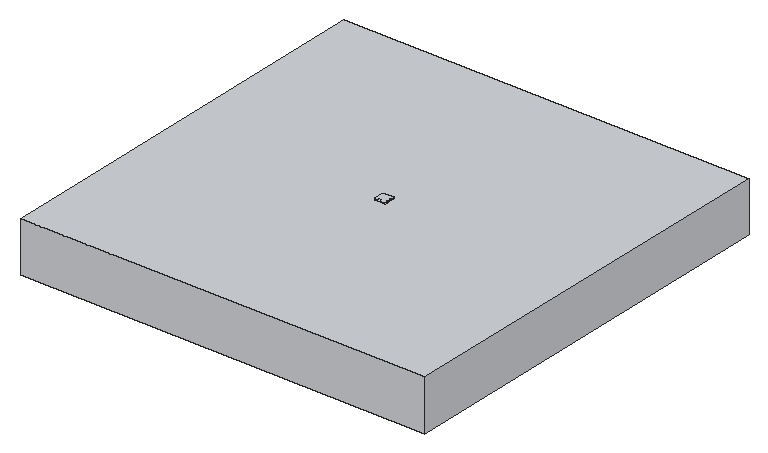
Revit family "Gira_015000", category Allgemeines Modell, Revit 2017
Family settings
  Basisbauteil = Fläche
  Kann Basisbauteil für Bewehrung sein = Nein
  Bemaßung runder Anschluss = Durchmesser verwenden
  Teiletyp = Normal
  Beim Laden mit Abzugskörper schneiden = Nein
  Gemeinsam genutzt = Nein
  Raumberechnungspunkt = Nein
Parameters
  Zusammenstellung = "Basiselement"
  Zufallsgenerator = no
  Werkstoffgüte = "sonstige"
  Werkstoff = "sonstige"
  Default Elevation = 1219.2 mm
  Verwendbar mit Zeitschalter/Timer = no
  Verwendbar mit Taste = yes
  Verwendbar mit Präsenzmelder = no
  Verwendbar mit IR-Taste = no
  Verwendbar mit Funktaste = no
  Verwendbar mit Bewegungsmelder = no
  URL = "https://www.gira.de/"
  Typname = "Wipptaster Schließer + N-Kl. Einsatz"
  Transparent = no
  Textfeld/Beschriftungsfläche = no
  Seriendimmer = no
  Rückmeldekontakt = no
  Produktseite = "http://katalog.gira.de/de_DE/datenblatt.html?artikelnr=015000"
  Oberfläche = "sonstige"
  Nennspannung [Volt] 5 = 230
  Nennspannung [Volt] 2 = 230
  Nennspannung [Volt] 17 = 250
  Nennspannung [Volt] 13 = 250
  Nennspannung [Volt] 1 = 230
  Nennspannung [Volt] = "[230:230]"
  Nebenstelleneingang = yes
  Montageart = "Unterputz"
  Mit Memory-Funktion = no
  Mit Helligkeitssensoranschluss = no
  Mit Glasbruchmelderanschluss = no
  Mit Beleuchtung = no
  Mit Astro-Programm = no
  Max. Schaltleistung [Voltampere] = 1000
  Lichtwertspeicher = no
  Lastart = "sonstige"
  Kontakte = "1 Schließer"
  Integrierte Zeitschaltuhr = no
  Hersteller = "Gira"
  Halogenfrei = no
  HAN = "015000"
  Geeignet für Windsensor = no
  Geeignet für Schutzart (IP) = "IP20"
  Geeignet für Regensensor = no
  GTIN = "4010337150008"
  Funk bidirektional = no
  Frequenz [Hz] = "[50:50]"
  Farbe = "sonstige"
  Dimmung Phasenanschnitt = no
  Dimmung Phasenabschnitt = no
  Datenblatt = "https://katalog.gira.de/de_DE/download.html?artikelnr=015000"
  Bussystem Powernet = no
  Bussystem LON = no
  Bussystem KNX-Funk = no
  Bussystem KNX = yes
  Bussystem Funkbus = no
  Beschreibung = "Einsatz Wipptaster 10 AX 250 V~  Schließer 1-polig mit N-Klemme Hinweise : - Auch beleuchtet anschließbar."
  Bemessungsstrom = 10 A
  Befestigungsart = "Krallen-/Schraubbefestigung"
  Bedienungsart = "Wippe"
  BIM = "https://media.stage.bim.site/public/gira/876eb45/Einsatz_1fach.rfa"
  Aussperrsicherung = no
  Ausführung der Oberfläche = "nicht zutreffend"
  Ausführung = "Einzeltaster"
  Aufdruck = "ohne"
  App-Steuerung über Bluetooth = no
  Anzahl der Betätigungswippen = 1
  Anschlussart = "Schraubklemme"
  Andere Bussysteme = "ohne"
Reference planes
  plane 1 "Center (Front/Back)": y = 0
  plane 2: z = 0
  plane 3 "Center (Left/Right)": x = 0
Forms (mm)
  Extrusion 1, solid
    sketch origin (0, 0, 0) x (1, 0, 0) y (0, 1, 0)
      loop
        line (-1219.2, 1219.2) -> (-1219.2, -1219.2) -> (1219.2, -1219.2) -> (1219.2, 1219.2) -> (-1219.2, 1219.2)
    from 0 to -304.8
  Extrusion 2, solid, detail levels fine
    sketch origin (0, 0, 0) x (1, 0, 0) y (0, 1, 0)
      loop
        line (27.475, 35.475) -> (-27.475, 35.475)
        arc (-27.475, 35.475) -> (-33.132, 33.132) -> (-35.475, 27.475) r 8
        line (-35.475, 27.475) -> (-35.475, -27.475)
        arc (-35.475, -27.475) -> (-33.132, -33.132) -> (-27.475, -35.475) r 8
        line (-27.475, -35.475) -> (27.475, -35.475)
        arc (27.475, -35.475) -> (33.132, -33.132) -> (35.475, -27.475) r 8
        line (35.475, -27.475) -> (35.475, 27.475)
        arc (35.475, 27.475) -> (33.132, 33.132) -> (27.475, 35.475) r 8
    from 0 to 1.8
  Extrusion 3, solid, detail levels fine
    sketch origin (0, 0, 0) x (1, 0, 0) y (0, 1, 0)
      loop
        line (9.678, 25.4) -> (-9.678, 25.4)
        arc (-9.678, 25.4) -> (-12.885, 24.922) -> (-15.814, 23.53) r 11
        arc (-15.814, 23.53) -> (-17.795, 22.07) -> (-19.641, 20.444) r 28.35
        arc (-19.641, 20.444) -> (-21.339, 18.665) -> (-22.876, 16.745) r 28.35
        arc (-22.876, 16.745) -> (-24.456, 13.666) -> (-25, 10.248) r 11
        line (-25, 10.248) -> (-25, -10.248)
        arc (-25, -10.248) -> (-24.456, -13.666) -> (-22.876, -16.745) r 11
        arc (-22.876, -16.745) -> (-20.409, -19.677) -> (-17.569, -22.25) r 28.35
        line (-17.569, -22.25) -> (17.569, -22.25)
        arc (17.569, -22.25) -> (20.409, -19.677) -> (22.876, -16.745) r 28.35
        arc (22.876, -16.745) -> (24.456, -13.666) -> (25, -10.248) r 11
        line (25, -10.248) -> (25, 10.248)
        arc (25, 10.248) -> (24.456, 13.666) -> (22.876, 16.745) r 11
        arc (22.876, 16.745) -> (21.593, 18.37) -> (20.195, 19.897) r 28.35
        arc (20.195, 19.897) -> (18.096, 21.823) -> (15.814, 23.53) r 28.35
        arc (15.814, 23.53) -> (12.885, 24.922) -> (9.678, 25.4) r 11
    from 0 to -22
  Extrusion 4, solid, detail levels medium
    sketch origin (0, 0, 0) x (1, 0, 0) y (0, 1, 0)
      loop
        line (-25, 25.4) -> (-25, -22.25) -> (25, -22.25) -> (25, 25.4) -> (-25, 25.4)
    from 0 to -22
  Extrusion 5, solid, detail levels coarse
    sketch origin (0, 0, 0) x (1, 0, 0) y (0, 1, 0)
      loop
        line (35.475, 35.475) -> (-35.475, 35.475) -> (-35.475, -35.475) -> (35.475, -35.475) -> (35.475, 35.475)
    from -22 to 1.8
  Extrusion 6, solid, detail levels medium
    sketch origin (0, 0, 0) x (1, 0, 0) y (0, 1, 0)
      loop
        line (35.475, 35.475) -> (-35.475, 35.475) -> (-35.475, -35.475) -> (35.475, -35.475) -> (35.475, 35.475)
    from 0 to 1.8
Dimensions and locks
  aligned and locked: plane 2 to Extrusion 1
  aligned and locked: level to Extrusion 1
Connectors
  electrical at (0, 0, -22)
    settings: on Extrusion 5, index 1, voltage 220 V, apparent load 0 VA, apparent load phase1 0 VA, apparent load phase2 0 VA, apparent load phase3 0 VA, power factor 1, load classification "Other", number of poles 1, system type 30, power factor state 1, is connector primary yes, connector utility no, sub classification motor no, connector description ""
